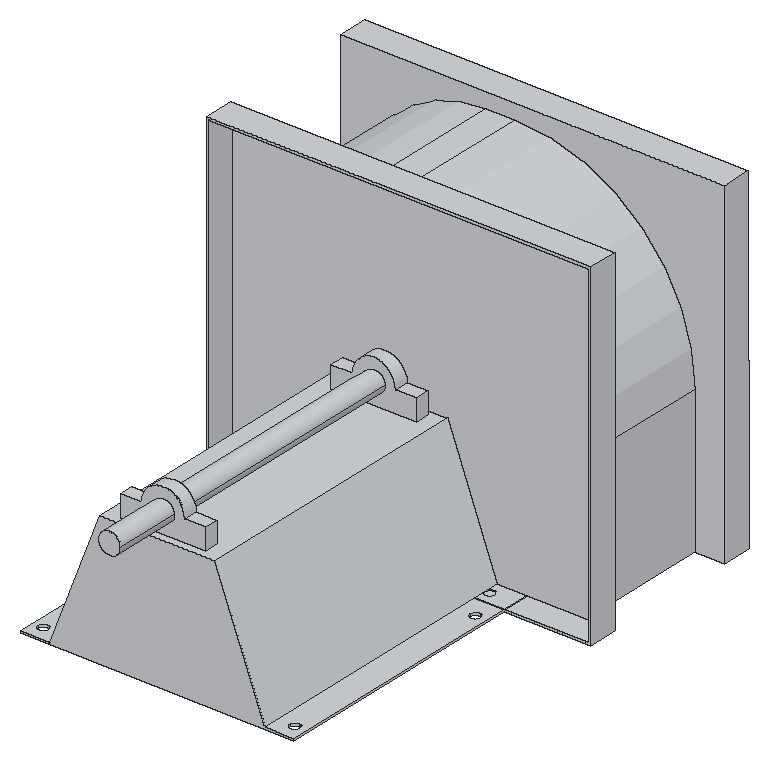
Revit family "CA-4_SWSI_ARR_1_CW_DBD", category Mechanical Equipment, Revit 2019
Family settings
  Round Connector Dimension = Use Radius
  Part Type = Normal
  Work Plane-Based = No
  Always vertical = Yes
  Cut with Voids When Loaded = No
  Shared = No
  Room Calculation Point = No
Parameters (values of type "120_CA-4_SWSI_ARR_1_CW_DBD_CLASS_3")
  S = 7 1/2"
  R = 11 7/16"
  P = 5 23/32"
  O/2 = O / 2  # 11/32"
  O = 11/16"
  ModelID [instance] = ""
  E = 10 3/4"
  Accessories [instance] = ""
  ARR_1_U-D = ARR_1_U - D  # 21 5/8"
  ARR_1_K-D = ARR_1_K - D  # 17 5/8"
  ARR_1_J/2 = ARR_1_J / 2  # 23/32"
  ARR_1_J = 1 7/16"
  MOTOR_RAD = ARR_1_J * 3  # 4 5/16"
  M = 18 7/8"
  L = 3"
  K = 15 7/8"
  J = 2"
  INLET_RAD/2 = INLET_RAD / 2  # 4 1/16"
  INLET_RAD+1.5" = INLET_RAD + 1 1/2"  # 9 5/8"
  INLET_RAD = INLET_DIA / 2  # 8 1/8"
  INLET_DIA = 16 1/4"
  F-E = F - E  # 15"
  F/5 = F / 5  # 5.15"
  F = 25 3/4"
  G = 22 3/4"
  Unit Weight [instance] = ""
  Sones [instance] = ""
  Motor RPM [instance] = ""
  Motor Enclosure [instance] = ""
  LwA [instance] = ""
  Fan RPM [instance] = ""
  E-(INLET_RAD+1.5") = H - (INLET_RAD + 1 1/2")  # 3/4"
  E+(INLET_RAD+1.5") = H + (INLET_RAD + 1 1/2")  # 20"
  H = 10 3/8"
  D-((D-B)/2) = D - ((D - B) / 2)  # 11 3/16"
  D = 13 3/16"
  B = 9 3/16"
  ARR_2_L-ARR_2_K = ARR_2_L - ARR_2_K  # 17 5/8"
  ARR_2_L = 21 5/8"
  ARR_2_K = 4"
  ARR_1_V = 4"
  ARR_1_U = 34 13/16"
  ARR_1_N = 15 1/8"
  ARR_1_M = 1"
  ARR_1_K = 30 13/16"
  ARR_1_H = 8 7/16"
  ARR_1_G = 9 3/16"
  A = 13 1/8"
  3" = 3"  # constant formula
  Brake Hp [instance] = ""
  4" = 4"  # constant formula
  2ARR_1_J+1" = ARR_1_J + ARR_1_J + 1"  # 3 7/8"
  2ARR_1_J = ARR_1_J + ARR_1_J  # 2 7/8"
  2' = 24"
  2" = 2"  # constant formula
  1" = 1"  # constant formula
  0 = 0"  # constant formula
  Voltage [instance] = 0 V
  URL = "www.lorencook.com"
  Type Comments = "Airfoil Centrifugal Blower Arrangement 1 Clockwise Down Blast Discharge"  # constant formula
  Static Pressure [instance] = 0.00 in-wg
  Power [instance] = Voltage * Motor FLA * sqrt(if(Phase = 3, 3, 1))  # 0 VA
  Phase [instance] = 0
  Number of Poles [instance] = 1
  Motor Hp [instance] = "0"
  Motor FLA [instance] = 0 A
  Model = "CA-4 SWSI ARR 1 CW DBD CLASS 3"
  Manufacturer = "Loren Cook Company"
  CFM [instance] = 0 CFM
  1.5 = 1 1/2"  # constant formula
  ONE EIGTH = 1/8"  # constant formula
  -ARR_1_J = -ARR_1_J  # -1 7/16"
  -(ARR_2_L - ARR_2_K) = -(ARR_2_L - ARR_2_K)  # -17 5/8"
  -(((K-B)/2)-.125") = -(((K - B) / 2) - 1/8")  # -3 7/32"
  -(((D - B) / 2) - 1/8") = -(((D - B) / 2) - 1/8")  # -1 7/8"
  (R-B)/2 = (R - B) / 2  # 1 1/8"
  ((K-B)/2)+B = ((K - B) / 2) + B  # 12 17/32"
  (D-B)/2 = (D - B) / 2  # 2"
  -(((K-B)/2)+L) = -(((K - B) / 2) + L)  # -6 11/32"
  ((D-B)/2)-.125" = ((D - B) / 2) - 1/8"  # 1 7/8"
Reference planes (in)
  plane 1 "Center (Front/Back)": y = 0
  plane 2: z = 0
  plane 3 "Center (Left/Right)": x = 0.40541
Forms (in)
  Extrusion 1, solid
    sketch origin (0, 0, 0) x (1, 0, 0) y (0, 0, 1)
      loop
        line (-10.34459, 0) -> (15.40541, 0) -> (15.40541, 22.75) -> (-10.34459, 22.75) -> (-10.34459, 0)
    from 0 to 2 <- "(D-B)/2"
  Extrusion 2, solid
    sketch origin (0, 0, 0) x (1, 0, 0) y (0, 0, 1)
      loop
        line (-10.34459, 22.75) -> (-10.34459, 0) -> (15.40541, 0) -> (15.40541, 22.75) -> (-10.34459, 22.75)
    from 13.1875 <- "D" to 11.1875 <- "D-((D-B)/2)"
  Extrusion 3, void
    sketch origin (0, 0, 0) x (1, 0, 0) y (0, 0, 1)
      loop
        line (-10.21959, 22.625) -> (-10.21959, 0.125) -> (15.28041, 0.125) -> (15.28041, 22.625) -> (-10.21959, 22.625)
    from 0 to 1.875 <- "((D-B)/2)-.125""
  Extrusion 4, void
    sketch origin (0, -13.1875, 0) x (-1, 0, 0) y (0, 0, 1)
      loop
        line (10.21959, 22.625) -> (-15.28041, 22.625) -> (-15.28041, 0.125) -> (10.21959, 0.125) -> (10.21959, 22.625)
    from 0 to 1.875 <- "((D-B)/2)-.125""
  Extrusion 5, solid
    sketch origin (0, -2, 0) x (1, 0, 0) y (0, 0, 1)
      loop
        line (0.28041, 1.4375) -> (0.28041, 0) -> (13.40541, 0) -> (13.40541, 9.75)
        arc (13.40541, 9.75) -> (9.89069, 18.23528) -> (1.40541, 21.75) r 12
        line (1.40541, 21.75) -> (-0.59459, 21.75)
        arc (-0.59459, 21.75) -> (-6.78177, 19.18718) -> (-9.34459, 13) r 8.75
        line (-9.34459, 13) -> (-9.34459, 9.625)
        arc (-9.34459, 9.625) -> (-6.94652, 3.83556) -> (-1.15709, 1.4375) r 8.1875
        line (-1.15709, 1.4375) -> (0.28041, 1.4375)
    from 0 to 9.1875 <- "B"
  Extrusion 6, solid
    sketch origin (0, -13.1875, 0) x (1, 0, 0) y (0, 0, 1)
      loop
        circle (0.40541, 10.375) r 0.71875
    from -1.875 <- "-(((D - B) / 2) - 1/8")" to 21.625 <- "ARR_1_U-D"
  Extrusion 7, void
    sketch origin (0, 0, 0) x (1, 0, 0) y (0, 1, 0)
      loop
        circle (-7.09459, -0.875) r 0.34375
      loop
        circle (7.90541, -0.875) r 0.34375
      loop
        circle (7.90541, -12.3125) r 0.34375
      loop
        circle (-7.09459, -12.3125) r 0.34375
    from -0.25 to 0.25
  Revolve 8, void
    sketch origin (0.40541, 0, 0) x (0, 1, 0) y (0, 0, 1)
      loop
        arc (-1.875, 18.5) -> (-3.06488, 15.62738) -> (-5.9375, 14.4375) r 4.0625
        line (-5.9375, 14.4375) -> (-5.9375, 11.09375) -> (-1.875, 11.09375) -> (-1.875, 18.5)
      axis (-5.9375, 10.375) -> (-1.875, 10.375)
    angle from 0 to 360
  Extrusion 9, solid
    sketch origin (0, -13.1875, 0) x (1, 0, 0) y (0, 0, 1)
      loop
        line (-8.78209, 0) -> (9.59291, 0) -> (9.59291, 0.125) -> (7.59291, 0.125) -> (4.28041, 8.9375) -> (-3.46959, 8.9375) -> (-6.78209, 0.125) -> (-8.78209, 0.125) -> (-8.78209, 0)
    from -1.875 <- "-(((D - B) / 2) - 1/8")" to 17.625 <- "ARR_1_K-D"
  Extrusion 10, solid
    sketch origin (0, -30.8125, 0) x (1, 0, 0) y (0, 0, 1)
      loop
        line (-2.46959, 8.9375) -> (3.28041, 8.9375) -> (3.28041, 10.375) -> (1.84291, 10.375)
        arc (1.84291, 10.375) -> (0.40541, 11.8125) -> (-1.03209, 10.375) r 1.4375
        line (-1.03209, 10.375) -> (-2.46959, 10.375) -> (-2.46959, 8.9375)
      loop
        circle (0.40541, 10.375) r 0.71875
    from -1.4375 <- "-ARR_1_J" to -0.5
  Extrusion 11, solid
    sketch origin (0, -11.1875, 0) x (-1, 0, 0) y (0, 0, 1)
      loop
        line (2.46959, 10.375) -> (1.03209, 10.375)
        arc (1.03209, 10.375) -> (-0.40541, 11.8125) -> (-1.84291, 10.375) r 1.4375
        line (-1.84291, 10.375) -> (-3.28041, 10.375) -> (-3.28041, 8.9375) -> (2.46959, 8.9375) -> (2.46959, 10.375)
      loop
        circle (-0.40541, 10.375) r 0.71875
    from -0.5 to -1.4375 <- "-ARR_1_J"
  Extrusion 12, void
    sketch origin (0, 0, 0) x (1, 0, 0) y (0, 1, 0)
      loop
        circle (8.84291, -14.6875) r 0.34375
      loop
        circle (8.84291, -29.8125) r 0.34375
      loop
        circle (-8.03209, -29.8125) r 0.34375
      loop
        circle (-8.03209, -14.6875) r 0.34375
    from 0.25 to -0.25
Cuts and joins
  Extrusion 3, Extrusion 7, Revolve 8 cuts Extrusion 1
  Extrusion 4, Extrusion 7 cuts Extrusion 2
  Revolve 8 cuts Extrusion 5
  Extrusion 12 cuts Extrusion 9
Dimensions and locks (in)
  "0": Extrusion 1 sketch curve to level
  "G": Extrusion 1 sketch curve to Extrusion 1 sketch curve
  "F-E": Extrusion 1 sketch curve to plane 3 "Center (Left/Right)"
  "F": Extrusion 1 sketch curve to Extrusion 1 sketch curve
  "0": Extrusion 2 sketch curve to level
  "0": Extrusion 1 to Extrusion 2 sketch curve  (x2)
  "0": Extrusion 2 sketch curve to Extrusion 1
  "ONE EIGTH": Extrusion 2 to Extrusion 3 sketch curve  (x2)
  "ONE EIGTH": Extrusion 3 sketch curve to Extrusion 2
  "ONE EIGTH": Extrusion 3 sketch curve to level
  "ONE EIGTH": Extrusion 4 sketch curve to Extrusion 2  (x2)
  "ONE EIGTH": Extrusion 2 to Extrusion 4 sketch curve
  "ONE EIGTH": Extrusion 4 sketch curve to level
  "H": Extrusion 6 sketch curve to level
  "0": Extrusion 6 sketch curve to plane 3 "Center (Left/Right)"
  "S": Extrusion 7 sketch curve to plane 3 "Center (Left/Right)"  (x2)
  "S": plane 3 "Center (Left/Right)" to Extrusion 7 sketch curve  (x2)
  "(R-B)/2": cut or joined group of Extrusion 1, Extrusion 3, Extrusion 7, Revolve 8 to Extrusion 7 sketch curve  (x2)
  "(R-B)/2": cut or joined group of Extrusion 2, Extrusion 4, Extrusion 7 to Extrusion 7 sketch curve  (x2)
  "H": Revolve 8 sketch curve to level
  "ARR_1_J/2": Revolve 8 sketch curve to Revolve 8 sketch curve
  "INLET_RAD/2": Revolve 8 sketch curve to Revolve 8 sketch curve  (x2)
  "INLET_RAD": Revolve 8 sketch curve to Revolve 8 sketch curve
  "0": Revolve 8 sketch curve to cut or joined group of Extrusion 1, Extrusion 3, Extrusion 7, Revolve 8
  "ARR_1_G": Extrusion 9 sketch curve to plane 3 "Center (Left/Right)"
  "ARR_1_G": plane 3 "Center (Left/Right)" to Extrusion 9 sketch curve
  "2ARR_1_J+1"": Extrusion 9 sketch curve to plane 3 "Center (Left/Right)"
  "2ARR_1_J+1"": plane 3 "Center (Left/Right)" to Extrusion 9 sketch curve
  "2"": Extrusion 9 sketch curve to Extrusion 9 sketch curve  (x2)
  "0": Extrusion 9 sketch curve to level
  "ONE EIGTH": Extrusion 9 sketch curve to Extrusion 9 sketch curve  (x2)
  "ARR_1_J/2": Extrusion 6 to Extrusion 9 sketch curve
  "2ARR_1_J": Extrusion 10 sketch curve to plane 3 "Center (Left/Right)"
  "2ARR_1_J": plane 3 "Center (Left/Right)" to Extrusion 10 sketch curve
  "0": Extrusion 10 sketch curve to Extrusion 9
  "ARR_1_J": Extrusion 10 sketch curve to Extrusion 10 sketch curve
  "0": Extrusion 10 sketch curve to plane 3 "Center (Left/Right)"
  "0": plane 3 "Center (Left/Right)" to Extrusion 10 sketch curve
  "0": Extrusion 10 sketch curve to Extrusion 10 sketch curve
  "0": Extrusion 11 sketch curve to Extrusion 9
  "ARR_1_J": Extrusion 11 sketch curve to Extrusion 11 sketch curve  (x2)
  "0": Extrusion 11 sketch curve to Extrusion 11 sketch curve
  "2ARR_1_J": plane 3 "Center (Left/Right)" to Extrusion 11 sketch curve
  "2ARR_1_J": Extrusion 11 sketch curve to plane 3 "Center (Left/Right)"
  "0": Extrusion 11 sketch curve to plane 3 "Center (Left/Right)"
  "0": plane 3 "Center (Left/Right)" to Extrusion 11 sketch curve
  "0": Extrusion 11 sketch curve to Extrusion 10
  "ARR_1_H": plane 3 "Center (Left/Right)" to Extrusion 12 sketch curve  (x2)
  "ARR_1_H": Extrusion 12 sketch curve to plane 3 "Center (Left/Right)"  (x2)
  "ARR_1_M": Extrusion 9 to Extrusion 12 sketch curve  (x2)
  "ARR_1_N": Extrusion 12 sketch curve to Extrusion 12 sketch curve  (x2)
  "A": Extrusion 5 sketch curve to Extrusion 5 sketch curve
  "0": Extrusion 5 sketch curve to level
  "1"": cut or joined group of Extrusion 2, Extrusion 4, Extrusion 7 to Extrusion 5 sketch curve
  "ARR_1_J": Extrusion 5 sketch curve to level
  "J": cut or joined group of Extrusion 2, Extrusion 4, Extrusion 7 to Extrusion 5 sketch curve
  "1"": Extrusion 5 sketch curve to cut or joined group of Extrusion 2, Extrusion 4, Extrusion 7
  "ARR_1_J": Extrusion 5 sketch curve to Extrusion 5 sketch curve
  "1"": plane 3 "Center (Left/Right)" to Extrusion 5 sketch curve
  "1"": Extrusion 5 sketch curve to plane 3 "Center (Left/Right)"
  "ARR_1_J/2": radius of Extrusion 6 sketch curve
  "O/2": radius of Extrusion 7 sketch curve  (x4)
  "ARR_1_J": radius of Extrusion 10 sketch curve
  "ARR_1_J/2": radius of Extrusion 10 sketch curve
  "ARR_1_J": radius of Extrusion 11 sketch curve
  "ARR_1_J/2": radius of Extrusion 11 sketch curve
  "O/2": radius of Extrusion 12 sketch curve  (x4)
Automatic sketch dimensions
  Revolve 8 sketch curve to Revolve 8 sketch curve = 53.38466"
  Revolve 8 sketch curve to plane 1 "Center (Front/Back)" = 17.32447"
Connectors (in)
  hvac at (0.40541, -2, 10.375), driven by "CFM", driven by "INLET_RAD"
    settings: on cut or joined group of Extrusion 1, Extrusion 3, Extrusion 7, Revolve 8, index 2, duct flow 0 CFM, flow factor 0, pres drop 0.00 in-wg, loss coef 0, conn angle 0.00°, conn width 12", conn height 12", conn diameter 16 1/4", duct sys type 29, conn prof type 0, flow config 0, flow direction 1, loss method 0, conn ref index -1, conn util no, is conn primary no, conn desc ""
  hvac at (6.84291, -6.59375, 0), driven by "CFM", driven by "A", driven by "B"
    settings: on cut or joined group of Extrusion 5, Revolve 8, index 3, duct flow 0 CFM, flow factor 0, pres drop 0.00 in-wg, loss coef 0, conn angle 0.00°, conn width 9 3/16", conn height 13 1/8", conn diameter 24", duct sys type 29, conn prof type 1, flow config 0, flow direction 2, loss method 0, conn ref index -1, conn util no, is conn primary yes, conn desc ""
Types (55): name | S | R | P | O/2 | O | E | ARR_1_U-D | ARR_1_K-D | ARR_1_J/2 | ARR_1_J | MOTOR_RAD | M | L | K | J | INLET_RAD/2 | INLET_RAD+1.5" | INLET_RAD | INLET_DIA | F-E | F/5 | F | G | E-(INLET_RAD+1.5") | E+(INLET_RAD+1.5") | H | D-((D-B)/2) | D | B | ARR_2_L-ARR_2_K | ARR_2_L | ARR_2_K | ARR_1_V | ARR_1_U | ARR_1_N | ARR_1_M | ARR_1_K | ARR_1_H | ARR_1_G | A | 2ARR_1_J+1" | 2ARR_1_J | Model | -ARR_1_J | -(ARR_2_L - ARR_2_K) | -(((K-B)/2)-.125") | -(((D - B) / 2) - 1/8") | (R-B)/2 | ((K-B)/2)+B | (D-B)/2 | -(((K-B)/2)+L) | ((D-B)/2)-.125"
  (no name) | 7 1/2" | 11 7/16" | 5 23/32" | 11/32" | 11/16" | 10 3/4" | 21 5/8" | 17 5/8" | 23/32" | 1 7/16" | 4 5/16" | 18 7/8" | 3" | 15 7/8" | 2" | 4 1/16" | 9 5/8" | 8 1/8" | 16 1/4" | 15" | 5.15" | 25 3/4" | 22 3/4" | 3/4" | 20" | 10 3/8" | 11 3/16" | 13 3/16" | 9 3/16" | 17 5/8" | 21 5/8" | 4" | 4" | 34 13/16" | 15 1/8" | 1" | 30 13/16" | 8 7/16" | 9 3/16" | 13 1/8" | 3 7/8" | 2 7/8" | "CA-4 SWSI ARR 1 CW DBD CLASS 3" | -1 7/16" | -17 5/8" | -3 7/32" | -1 7/8" | 1 1/8" | 12 17/32" | 2" | -6 11/32" | 1 7/8"
  120_CA-4_SWSI_ARR_1_CW_DBD_CLASS_1 | 7 1/2" | 11 7/16" | 5 23/32" | 11/32" | 11/16" | 10 3/4" | 21 5/8" | 17 5/8" | 19/32" | 1 3/16" | 3 9/16" | 18 7/8" | 3" | 15 7/8" | 2" | 4 1/16" | 9 5/8" | 8 1/8" | 16 1/4" | 15" | 5.15" | 25 3/4" | 22 3/4" | 3/4" | 20" | 10 3/8" | 11 3/16" | 13 3/16" | 9 3/16" | 17 5/8" | 21 5/8" | 4" | 4" | 34 13/16" | 15 1/8" | 1" | 30 13/16" | 8 7/16" | 9 3/16" | 13 1/8" | 3 3/8" | 2 3/8" | "CA-4 SWSI ARR 1 CW DBD CLASS 1" | -1 3/16" | -17 5/8" | -3 7/32" | -1 7/8" | 1 1/8" | 12 17/32" | 2" | -6 11/32" | 1 7/8"
  135_CA-4_SWSI_ARR_1_CW_DBD_CLASS_1 | 8 1/2" | 12 9/16" | 6 9/32" | 11/32" | 11/16" | 12" | 21 5/8" | 17 5/8" | 19/32" | 1 3/16" | 3 9/16" | 20" | 3" | 17" | 2" | 4 7/16" | 10 3/8" | 8 7/8" | 17 3/4" | 16 3/4" | 5 3/4" | 28 3/4" | 25 1/2" | 1 1/4" | 22" | 11 5/8" | 12 5/16" | 14 5/16" | 10 5/16" | 17 5/8" | 21 5/8" | 4" | 4" | 35 15/16" | 15 1/8" | 1" | 31 15/16" | 9 3/16" | 9 15/16" | 14 3/4" | 3 3/8" | 2 3/8" | "CA-4 SWSI ARR 1 CW DBD CLASS 1" | -1 3/16" | -17 5/8" | -3 7/32" | -1 7/8" | 1 1/8" | 13 21/32" | 2" | -6 11/32" | 1 7/8"
  150_CA-4_SWSI_ARR_1_CW_DBD_CLASS_1 | 9" | 13 11/16" | 6 27/32" | 11/32" | 11/16" | 13 1/4" | 21 5/8" | 17 5/8" | 19/32" | 1 3/16" | 3 9/16" | 21 1/8" | 3" | 18 1/8" | 2" | 4 13/16" | 11 1/8" | 9 5/8" | 19 1/4" | 18 3/8" | 6.325" | 31 5/8" | 28 1/8" | 1 3/4" | 24" | 12 7/8" | 13 7/16" | 15 7/16" | 11 7/16" | 17 5/8" | 21 5/8" | 4" | 4" | 37 1/16" | 15 1/8" | 1" | 33 1/16" | 9 15/16" | 10 11/16" | 16 7/16" | 3 3/8" | 2 3/8" | "CA-4 SWSI ARR 1 CW DBD CLASS 1" | -1 3/16" | -17 5/8" | -3 7/32" | -1 7/8" | 1 1/8" | 14 25/32" | 2" | -6 11/32" | 1 7/8"
  165_CA-4_SWSI_ARR_1_CW_DBD_CLASS_1 | 10" | 14 7/8" | 7 7/16" | 11/32" | 11/16" | 14 3/8" | 21 5/8" | 17 5/8" | 19/32" | 1 3/16" | 3 9/16" | 23 15/16" | 4" | 19 5/16" | 2" | 5 5/16" | 12 1/8" | 10 5/8" | 21 1/4" | 20" | 6 7/8" | 34 3/8" | 30 7/8" | 2 1/8" | 26 3/8" | 14 1/4" | 14 5/8" | 16 5/8" | 12 5/8" | 17 5/8" | 21 5/8" | 4" | 4" | 38 1/4" | 15 1/8" | 1" | 34 1/4" | 10 15/16" | 11 11/16" | 18 1/16" | 3 3/8" | 2 3/8" | "CA-4 SWSI ARR 1 CW DBD CLASS 1" | -1 3/16" | -17 5/8" | -3 7/32" | -1 7/8" | 1 1/8" | 15 31/32" | 2" | -7 11/32" | 1 7/8"
  180_CA-4_SWSI_ARR_1_CW_DBD_CLASS_1 | 11" | 16" | 8" | 11/32" | 11/16" | 15 5/8" | 24 3/8" | 20 1/8" | 19/32" | 1 3/16" | 3 9/16" | 24 15/16" | 4 1/2" | 20 7/16" | 2" | 5 11/16" | 12 7/8" | 11 3/8" | 22 3/4" | 21 1/2" | 7.425" | 37 1/8" | 33 5/8" | 2 5/8" | 28 3/8" | 15 1/2" | 15 3/4" | 17 3/4" | 13 3/4" | 20 1/8" | 24 3/8" | 4 1/4" | 4 1/4" | 42 1/8" | 17 5/8" | 1" | 37 7/8" | 11 11/16" | 12 7/16" | 19 11/16" | 3 3/8" | 2 3/8" | "CA-4 SWSI ARR 1 CW DBD CLASS 1" | -1 3/16" | -20 1/8" | -3 7/32" | -1 7/8" | 1 1/8" | 17 3/32" | 2" | -7 27/32" | 1 7/8"
  195_CA-4_SWSI_ARR_1_CW_DBD_CLASS_1 | 11 1/2" | 17 3/16" | 8 19/32" | 11/32" | 11/16" | 16 3/4" | 24 3/8" | 20 1/8" | 19/32" | 1 3/16" | 3 9/16" | 27 3/16" | 4 1/2" | 22 11/16" | 2" | 6 1/16" | 13 5/8" | 12 1/8" | 24 1/4" | 23 1/4" | 8" | 40" | 36 1/4" | 3 1/8" | 30 3/8" | 16 3/4" | 16 15/16" | 18 15/16" | 14 15/16" | 20 1/8" | 24 3/8" | 4 1/4" | 4 1/4" | 43 5/16" | 17 5/8" | 1" | 39 1/16" | 12 7/16" | 13 3/16" | 21 5/16" | 3 3/8" | 2 3/8" | "CA-4 SWSI ARR 1 CW DBD CLASS 1" | -1 3/16" | -20 1/8" | -3 3/4" | -1 7/8" | 1 1/8" | 18 13/16" | 2" | -8 3/8" | 1 7/8"
  210_CA-4_SWSI_ARR_1_CW_DBD_CLASS_1 | 12" | 18 5/16" | 9 5/32" | 13/32" | 13/16" | 18" | 26 3/8" | 22 1/8" | 23/32" | 1 7/16" | 4 5/16" | 28 13/16" | 5" | 23 13/16" | 2" | 6 1/2" | 14 1/2" | 13" | 26" | 24 7/8" | 8.575" | 42 7/8" | 39 1/8" | 3 5/8" | 32 5/8" | 18 1/8" | 18 1/16" | 20 1/16" | 16 1/16" | 23 1/8" | 27 3/8" | 4 1/4" | 4 1/4" | 46 7/16" | 19 9/16" | 1" | 42 3/16" | 13 5/16" | 14 1/16" | 23" | 3 7/8" | 2 7/8" | "CA-4 SWSI ARR 1 CW DBD CLASS 1" | -1 7/16" | -23 1/8" | -3 3/4" | -1 7/8" | 1 1/8" | 19 15/16" | 2" | -8 7/8" | 1 7/8"
  225_CA-4_SWSI_ARR_1_CW_DBD_CLASS_1 | 12 1/2" | 19 7/16" | 9 23/32" | 13/32" | 13/16" | 19 1/4" | 26 3/8" | 22 1/8" | 23/32" | 1 7/16" | 4 5/16" | 29 15/16" | 5" | 24 15/16" | 2" | 6 7/8" | 15 1/4" | 13 3/4" | 27 1/2" | 26 1/2" | 9.15" | 45 3/4" | 41 3/4" | 4 1/8" | 34 5/8" | 19 3/8" | 19 3/16" | 21 3/16" | 17 3/16" | 23 1/8" | 27 3/8" | 4 1/4" | 4 1/4" | 47 9/16" | 19 9/16" | 1" | 43 5/16" | 14 1/16" | 14 13/16" | 24 5/8" | 3 7/8" | 2 7/8" | "CA-4 SWSI ARR 1 CW DBD CLASS 1" | -1 7/16" | -23 1/8" | -3 3/4" | -1 7/8" | 1 1/8" | 21 1/16" | 2" | -8 7/8" | 1 7/8"
  245_CA-4_SWSI_ARR_1_CW_DBD_CLASS_1 | 13 1/2" | 21" | 10 1/2" | 13/32" | 13/16" | 20 7/8" | 27 13/16" | 22 5/8" | 27/32" | 1 11/16" | 5 1/16" | 32" | 5 1/2" | 26 1/2" | 2" | 7 3/8" | 16 1/4" | 14 3/4" | 29 1/2" | 28 5/8" | 9.9" | 49 1/2" | 45 3/8" | 4 7/8" | 37 3/8" | 21 1/8" | 20 3/4" | 22 3/4" | 18 3/4" | 22 9/16" | 27 13/16" | 5 1/4" | 5 1/4" | 50 9/16" | 20 1/8" | 1" | 45 3/8" | 15 1/16" | 15 13/16" | 26 13/16" | 4 3/8" | 3 3/8" | "CA-4 SWSI ARR 1 CW DBD CLASS 1" | -1 11/16" | -22 9/16" | -3 3/4" | -1 7/8" | 1 1/8" | 22 5/8" | 2" | -9 3/8" | 1 7/8"
  270_CA-4_SWSI_ARR_1_CW_DBD_CLASS_1 | 15" | 22 7/8" | 11 7/16" | 13/32" | 13/16" | 23 3/8" | 27 13/16" | 22 5/8" | 27/32" | 1 11/16" | 5 1/16" | 34 3/8" | 6" | 28 3/8" | 2" | 8" | 17 1/2" | 16" | 32" | 31 3/8" | 10.95" | 54 3/4" | 49 7/8" | 5 3/4" | 40 3/4" | 23 1/4" | 22 5/8" | 24 5/8" | 20 5/8" | 22 9/16" | 27 13/16" | 5 1/4" | 5 1/4" | 52 7/16" | 20 1/8" | 1" | 47 1/4" | 16 7/16" | 17 3/16" | 29 9/16" | 4 3/8" | 3 3/8" | "CA-4 SWSI ARR 1 CW DBD CLASS 1" | -1 11/16" | -22 9/16" | -3 3/4" | -1 7/8" | 1 1/8" | 24 1/2" | 2" | -9 7/8" | 1 7/8"
  300_CA-4_SWSI_ARR_1_CW_DBD_CLASS_1 | 16 1/2" | 25 3/16" | 12 19/32" | 13/32" | 13/16" | 25 3/8" | 30 3/4" | 24 7/8" | 31/32" | 1 15/16" | 5 13/16" | 37 3/16" | 6 1/2" | 30 11/16" | 2" | 8 3/4" | 19" | 17 1/2" | 35" | 34 5/8" | 12" | 60" | 55 3/8" | 6 7/8" | 44 7/8" | 25 7/8" | 24 15/16" | 26 15/16" | 22 15/16" | 24 7/8" | 30 3/4" | 5 7/8" | 5 7/8" | 57 11/16" | 22 3/8" | 1" | 51 13/16" | 17 15/16" | 18 11/16" | 32 13/16" | 4 7/8" | 3 7/8" | "CA-4 SWSI ARR 1 CW DBD CLASS 1" | -1 15/16" | -24 7/8" | -3 3/4" | -1 7/8" | 1 1/8" | 26 13/16" | 2" | -10 3/8" | 1 7/8"
  330_CA-4_SWSI_ARR_1_CW_DBD_CLASS_1 | 18" | 27 1/2" | 13 3/4" | 13/32" | 13/16" | 27 7/8" | 30 3/4" | 24 7/8" | 31/32" | 1 15/16" | 5 13/16" | 40" | 7" | 33" | 2" | 9 1/2" | 20 1/2" | 19" | 38" | 37 7/8" | 13.15" | 65 3/4" | 60 3/4" | 7 7/8" | 48 7/8" | 28 3/8" | 27 1/4" | 29 1/4" | 25 1/4" | 24 7/8" | 30 3/4" | 5 7/8" | 5 7/8" | 60" | 22 3/8" | 1" | 54 1/8" | 19 7/16" | 20 3/16" | 36 1/8" | 4 7/8" | 3 7/8" | "CA-4 SWSI ARR 1 CW DBD CLASS 1" | -1 15/16" | -24 7/8" | -3 3/4" | -1 7/8" | 1 1/8" | 29 1/8" | 2" | -10 7/8" | 1 7/8"
  365_CA-4_SWSI_ARR_1_CW_DBD_CLASS_1 | 20" | 30 1/8" | 15 1/16" | 13/32" | 13/16" | 30 5/8" | 33" | 27 1/8" | 1 3/32" | 2 3/16" | 6 9/16" | 43 1/8" | 7 1/2" | 35 5/8" | 2" | 10 3/8" | 22 1/4" | 20 3/4" | 41 1/2" | 41 3/4" | 14.475" | 72 3/8" | 67" | 9 1/8" | 53 5/8" | 31 3/8" | 29 7/8" | 31 7/8" | 27 7/8" | 27 1/8" | 33" | 5 7/8" | 5 7/8" | 64 7/8" | 24 5/8" | 1" | 59" | 21 11/16" | 22 7/16" | 39 15/16" | 5 3/8" | 4 3/8" | "CA-4 SWSI ARR 1 CW DBD CLASS 1" | -2 3/16" | -27 1/8" | -3 3/4" | -1 7/8" | 1 1/8" | 31 3/4" | 2" | -11 3/8" | 1 7/8"
  402_CA-4_SWSI_ARR_1_CW_DBD_CLASS_1 | 22" | 34 1/4" | 17 1/8" | 17/32" | 1 1/16" | 33 5/8" | 31 5/16" | 26 3/16" | 1 3/32" | 2 3/16" | 6 9/16" | 46 5/8" | 8" | 38 5/8" | 3" | 11 5/16" | 24 1/8" | 22 5/8" | 45 1/4" | 46 3/4" | 16.075" | 80 3/8" | 73 7/8" | 10 1/2" | 58 3/4" | 34 5/8" | 33 3/4" | 36 3/4" | 30 3/4" | 25 7/16" | 31 5/16" | 5 7/8" | 5 7/8" | 68 1/16" | 23 13/16" | 1 1/4" | 62 15/16" | 22 3/8" | 24 3/8" | 44 1/16" | 5 3/8" | 4 3/8" | "CA-4 SWSI ARR 1 CW DBD CLASS 1" | -2 3/16" | -25 7/16" | -3 13/16" | -2 7/8" | 1 3/4" | 34 11/16" | 3" | -11 15/16" | 2 7/8"
  445_CA-4_SWSI_ARR_1_CW_DBD_CLASS_1 | 24" | 37 1/2" | 18 3/4" | 17/32" | 1 1/16" | 37 1/8" | 33 1/16" | 26 15/16" | 1 7/32" | 2 7/16" | 7 5/16" | 50 3/8" | 8 1/2" | 41 7/8" | 3" | 12 3/8" | 26 1/4" | 24 3/4" | 49 1/2" | 51 3/8" | 17.7" | 88 1/2" | 81 1/2" | 12" | 64 1/2" | 38 1/4" | 37" | 40" | 34" | 26 11/16" | 33 1/16" | 6 3/8" | 6 3/8" | 73 1/16" | 24 9/16" | 1 1/4" | 66 15/16" | 25 1/2" | 26 1/2" | 48 11/16" | 5 7/8" | 4 7/8" | "CA-4 SWSI ARR 1 CW DBD CLASS 1" | -2 7/16" | -26 11/16" | -3 13/16" | -2 7/8" | 1 3/4" | 37 15/16" | 3" | -12 7/16" | 2 7/8"
  490_CA-4_SWSI_ARR_1_CW_DBD_CLASS_1 | 26 1/2" | 40 15/16" | 20 15/32" | 17/32" | 1 1/16" | 40 3/4" | 33 1/16" | 26 15/16" | 1 7/32" | 2 7/16" | 7 5/16" | 55 5/16" | 9" | 46 5/16" | 3" | 13 3/4" | 29" | 27 1/2" | 55" | 56 1/4" | 19.4" | 97" | 89 3/4" | 13 1/4" | 71 1/4" | 42 1/4" | 40 7/16" | 43 7/16" | 37 7/16" | 26 11/16" | 33 1/16" | 6 3/8" | 6 3/8" | 76 1/2" | 24 9/16" | 1 1/4" | 70 3/8" | 28 1/4" | 29 1/4" | 53 5/8" | 5 7/8" | 4 7/8" | "CA-4 SWSI ARR 1 CW DBD CLASS 1" | -2 7/16" | -26 11/16" | -4 5/16" | -2 7/8" | 1 3/4" | 41 7/8" | 3" | -13 7/16" | 2 7/8"
  540_CA-4_SWSI_ARR_1_CW_DBD_CLASS_1 | 29" | 44 3/4" | 22 3/8" | 17/32" | 1 1/16" | 44 7/8" | 34 3/8" | 27" | 1 15/32" | 2 15/16" | 8 13/16" | 61 5/8" | 9 1/2" | 52 1/8" | 3" | 15" | 31 1/2" | 30" | 60" | 61 3/4" | 21.325" | 106 5/8" | 98 3/4" | 15" | 78" | 46 1/2" | 44 1/4" | 47 1/4" | 41 1/4" | 26 7/8" | 34 3/8" | 7 1/2" | 7 1/2" | 81 5/8" | 24 9/16" | 1 1/4" | 74 1/4" | 30 3/4" | 31 3/4" | 59 1/16" | 6 7/8" | 5 7/8" | "CA-4 SWSI ARR 1 CW DBD CLASS 1" | -2 15/16" | -26 7/8" | -5 5/16" | -2 7/8" | 1 3/4" | 46 11/16" | 3" | -14 15/16" | 2 7/8"
  600_CA-4_SWSI_ARR_1_CW_DBD_CLASS_1 | 32" | 49 5/16" | 24 21/32" | 17/32" | 1 1/16" | 49 3/4" | 34 3/8" | 27" | 1 15/32" | 2 15/16" | 8 13/16" | 66 11/16" | 10" | 56 11/16" | 3" | 16 1/2" | 34 1/2" | 33" | 66" | 68 1/4" | 23.6" | 118" | 109 5/8" | 17 1/8" | 86 1/8" | 51 5/8" | 48 13/16" | 51 13/16" | 45 13/16" | 26 7/8" | 34 3/8" | 7 1/2" | 7 1/2" | 86 3/16" | 24 9/16" | 1 1/4" | 78 13/16" | 33 3/4" | 34 3/4" | 65 5/8" | 6 7/8" | 5 7/8" | "CA-4 SWSI ARR 1 CW DBD CLASS 1" | -2 15/16" | -26 7/8" | -5 5/16" | -2 7/8" | 1 3/4" | 51 1/4" | 3" | -15 7/16" | 2 7/8"
  120_CA-4_SWSI_ARR_1_CW_DBD_CLASS_2 | 7 1/2" | 11 7/16" | 5 23/32" | 11/32" | 11/16" | 10 3/4" | 21 5/8" | 17 5/8" | 23/32" | 1 7/16" | 4 5/16" | 18 7/8" | 3" | 15 7/8" | 2" | 4 1/16" | 9 5/8" | 8 1/8" | 16 1/4" | 15" | 5.15" | 25 3/4" | 22 3/4" | 3/4" | 20" | 10 3/8" | 11 3/16" | 13 3/16" | 9 3/16" | 17 5/8" | 21 5/8" | 4" | 4" | 34 13/16" | 15 1/8" | 1" | 30 13/16" | 8 7/16" | 9 3/16" | 13 1/8" | 3 7/8" | 2 7/8" | "CA-4 SWSI ARR 1 CW DBD CLASS 2" | -1 7/16" | -17 5/8" | -3 7/32" | -1 7/8" | 1 1/8" | 12 17/32" | 2" | -6 11/32" | 1 7/8"
  120_CA-4_SWSI_ARR_1_CW_DBD_CLASS_3 | 7 1/2" | 11 7/16" | 5 23/32" | 11/32" | 11/16" | 10 3/4" | 21 5/8" | 17 5/8" | 23/32" | 1 7/16" | 4 5/16" | 18 7/8" | 3" | 15 7/8" | 2" | 4 1/16" | 9 5/8" | 8 1/8" | 16 1/4" | 15" | 5.15" | 25 3/4" | 22 3/4" | 3/4" | 20" | 10 3/8" | 11 3/16" | 13 3/16" | 9 3/16" | 17 5/8" | 21 5/8" | 4" | 4" | 34 13/16" | 15 1/8" | 1" | 30 13/16" | 8 7/16" | 9 3/16" | 13 1/8" | 3 7/8" | 2 7/8" | "CA-4 SWSI ARR 1 CW DBD CLASS 3" | -1 7/16" | -17 5/8" | -3 7/32" | -1 7/8" | 1 1/8" | 12 17/32" | 2" | -6 11/32" | 1 7/8"
  135_CA-4_SWSI_ARR_1_CW_DBD_CLASS_2 | 8 1/2" | 12 9/16" | 6 9/32" | 11/32" | 11/16" | 12" | 21 5/8" | 17 5/8" | 23/32" | 1 7/16" | 4 5/16" | 20" | 3" | 17" | 2" | 4 7/16" | 10 3/8" | 8 7/8" | 17 3/4" | 16 3/4" | 5 3/4" | 28 3/4" | 25 1/2" | 1 1/4" | 22" | 11 5/8" | 12 5/16" | 14 5/16" | 10 5/16" | 17 5/8" | 21 5/8" | 4" | 4" | 35 15/16" | 15 1/8" | 1" | 31 15/16" | 9 3/16" | 9 15/16" | 14 3/4" | 3 7/8" | 2 7/8" | "CA-4 SWSI ARR 1 CW DBD CLASS 2" | -1 7/16" | -17 5/8" | -3 7/32" | -1 7/8" | 1 1/8" | 13 21/32" | 2" | -6 11/32" | 1 7/8"
  135_CA-4_SWSI_ARR_1_CW_DBD_CLASS_3 | 8 1/2" | 12 9/16" | 6 9/32" | 11/32" | 11/16" | 12" | 21 5/8" | 17 5/8" | 23/32" | 1 7/16" | 4 5/16" | 20" | 3" | 17" | 2" | 4 7/16" | 10 3/8" | 8 7/8" | 17 3/4" | 16 3/4" | 5 3/4" | 28 3/4" | 25 1/2" | 1 1/4" | 22" | 11 5/8" | 12 5/16" | 14 5/16" | 10 5/16" | 17 5/8" | 21 5/8" | 4" | 4" | 35 15/16" | 15 1/8" | 1" | 31 15/16" | 9 3/16" | 9 15/16" | 14 3/4" | 3 7/8" | 2 7/8" | "CA-4 SWSI ARR 1 CW DBD CLASS 3" | -1 7/16" | -17 5/8" | -3 7/32" | -1 7/8" | 1 1/8" | 13 21/32" | 2" | -6 11/32" | 1 7/8"
  150_CA-4_SWSI_ARR_1_CW_DBD_CLASS_2 | 9" | 13 11/16" | 6 27/32" | 11/32" | 11/16" | 13 1/4" | 21 5/8" | 17 5/8" | 23/32" | 1 7/16" | 4 5/16" | 21 1/8" | 3" | 18 1/8" | 2" | 4 13/16" | 11 1/8" | 9 5/8" | 19 1/4" | 18 3/8" | 6.325" | 31 5/8" | 28 1/8" | 1 3/4" | 24" | 12 7/8" | 13 7/16" | 15 7/16" | 11 7/16" | 17 5/8" | 21 5/8" | 4" | 4" | 37 1/16" | 15 1/8" | 1" | 33 1/16" | 9 15/16" | 10 11/16" | 16 7/16" | 3 7/8" | 2 7/8" | "CA-4 SWSI ARR 1 CW DBD CLASS 2" | -1 7/16" | -17 5/8" | -3 7/32" | -1 7/8" | 1 1/8" | 14 25/32" | 2" | -6 11/32" | 1 7/8"
  150_CA-4_SWSI_ARR_1_CW_DBD_CLASS_3 | 9" | 13 11/16" | 6 27/32" | 11/32" | 11/16" | 13 1/4" | 21 5/8" | 17 5/8" | 23/32" | 1 7/16" | 4 5/16" | 21 1/8" | 3" | 18 1/8" | 2" | 4 13/16" | 11 1/8" | 9 5/8" | 19 1/4" | 18 3/8" | 6.325" | 31 5/8" | 28 1/8" | 1 3/4" | 24" | 12 7/8" | 13 7/16" | 15 7/16" | 11 7/16" | 17 5/8" | 21 5/8" | 4" | 4" | 37 1/16" | 15 1/8" | 1" | 33 1/16" | 9 15/16" | 10 11/16" | 16 7/16" | 3 7/8" | 2 7/8" | "CA-4 SWSI ARR 1 CW DBD CLASS 3" | -1 7/16" | -17 5/8" | -3 7/32" | -1 7/8" | 1 1/8" | 14 25/32" | 2" | -6 11/32" | 1 7/8"
  165_CA-4_SWSI_ARR_1_CW_DBD_CLASS_2 | 10" | 14 7/8" | 7 7/16" | 11/32" | 11/16" | 14 3/8" | 21 5/8" | 17 5/8" | 23/32" | 1 7/16" | 4 5/16" | 23 15/16" | 4" | 19 5/16" | 2" | 5 5/16" | 12 1/8" | 10 5/8" | 21 1/4" | 20" | 6 7/8" | 34 3/8" | 30 7/8" | 2 1/8" | 26 3/8" | 14 1/4" | 14 5/8" | 16 5/8" | 12 5/8" | 17 5/8" | 21 5/8" | 4" | 4" | 38 1/4" | 15 1/8" | 1" | 34 1/4" | 10 15/16" | 11 11/16" | 18 1/16" | 3 7/8" | 2 7/8" | "CA-4 SWSI ARR 1 CW DBD CLASS 2" | -1 7/16" | -17 5/8" | -3 7/32" | -1 7/8" | 1 1/8" | 15 31/32" | 2" | -7 11/32" | 1 7/8"
  165_CA-4_SWSI_ARR_1_CW_DBD_CLASS_3 | 10" | 14 7/8" | 7 7/16" | 11/32" | 11/16" | 14 3/8" | 21 5/8" | 17 5/8" | 23/32" | 1 7/16" | 4 5/16" | 23 15/16" | 4" | 19 5/16" | 2" | 5 5/16" | 12 1/8" | 10 5/8" | 21 1/4" | 20" | 6 7/8" | 34 3/8" | 30 7/8" | 2 1/8" | 26 3/8" | 14 1/4" | 14 5/8" | 16 5/8" | 12 5/8" | 17 5/8" | 21 5/8" | 4" | 4" | 38 1/4" | 15 1/8" | 1" | 34 1/4" | 10 15/16" | 11 11/16" | 18 1/16" | 3 7/8" | 2 7/8" | "CA-4 SWSI ARR 1 CW DBD CLASS 3" | -1 7/16" | -17 5/8" | -3 7/32" | -1 7/8" | 1 1/8" | 15 31/32" | 2" | -7 11/32" | 1 7/8"
  180_CA-4_SWSI_ARR_1_CW_DBD_CLASS_2 | 11" | 16" | 8" | 11/32" | 11/16" | 15 5/8" | 24 3/8" | 20 1/8" | 23/32" | 1 7/16" | 4 5/16" | 24 15/16" | 4 1/2" | 20 7/16" | 2" | 5 11/16" | 12 7/8" | 11 3/8" | 22 3/4" | 21 1/2" | 7.425" | 37 1/8" | 33 5/8" | 2 5/8" | 28 3/8" | 15 1/2" | 15 3/4" | 17 3/4" | 13 3/4" | 20 1/8" | 24 3/8" | 4 1/4" | 4 1/4" | 42 1/8" | 17 5/8" | 1" | 37 7/8" | 11 11/16" | 12 7/16" | 19 11/16" | 3 7/8" | 2 7/8" | "CA-4 SWSI ARR 1 CW DBD CLASS 2" | -1 7/16" | -20 1/8" | -3 7/32" | -1 7/8" | 1 1/8" | 17 3/32" | 2" | -7 27/32" | 1 7/8"
  180_CA-4_SWSI_ARR_1_CW_DBD_CLASS_3 | 11" | 16" | 8" | 11/32" | 11/16" | 15 5/8" | 24 3/8" | 20 1/8" | 27/32" | 1 11/16" | 5 1/16" | 24 15/16" | 4 1/2" | 20 7/16" | 2" | 5 11/16" | 12 7/8" | 11 3/8" | 22 3/4" | 21 1/2" | 7.425" | 37 1/8" | 33 5/8" | 2 5/8" | 28 3/8" | 15 1/2" | 15 3/4" | 17 3/4" | 13 3/4" | 20 1/8" | 24 3/8" | 4 1/4" | 4 1/4" | 42 1/8" | 17 5/8" | 1" | 37 7/8" | 11 11/16" | 12 7/16" | 19 11/16" | 4 3/8" | 3 3/8" | "CA-4 SWSI ARR 1 CW DBD CLASS 3" | -1 11/16" | -20 1/8" | -3 7/32" | -1 7/8" | 1 1/8" | 17 3/32" | 2" | -7 27/32" | 1 7/8"
  195_CA-4_SWSI_ARR_1_CW_DBD_CLASS_2 | 11 1/2" | 17 3/16" | 8 19/32" | 11/32" | 11/16" | 16 3/4" | 24 3/8" | 20 1/8" | 23/32" | 1 7/16" | 4 5/16" | 27 3/16" | 4 1/2" | 22 11/16" | 2" | 6 1/16" | 13 5/8" | 12 1/8" | 24 1/4" | 23 1/4" | 8" | 40" | 36 1/4" | 3 1/8" | 30 3/8" | 16 3/4" | 16 15/16" | 18 15/16" | 14 15/16" | 20 1/8" | 24 3/8" | 4 1/4" | 4 1/4" | 43 5/16" | 17 5/8" | 1" | 39 1/16" | 12 7/16" | 13 3/16" | 21 5/16" | 3 7/8" | 2 7/8" | "CA-4 SWSI ARR 1 CW DBD CLASS 2" | -1 7/16" | -20 1/8" | -3 3/4" | -1 7/8" | 1 1/8" | 18 13/16" | 2" | -8 3/8" | 1 7/8"
  195_CA-4_SWSI_ARR_1_CW_DBD_CLASS_3 | 11 1/2" | 17 3/16" | 8 19/32" | 11/32" | 11/16" | 16 3/4" | 24 3/8" | 20 1/8" | 27/32" | 1 11/16" | 5 1/16" | 27 3/16" | 4 1/2" | 22 11/16" | 2" | 6 1/16" | 13 5/8" | 12 1/8" | 24 1/4" | 23 1/4" | 8" | 40" | 36 1/4" | 3 1/8" | 30 3/8" | 16 3/4" | 16 15/16" | 18 15/16" | 14 15/16" | 20 1/8" | 24 3/8" | 4 1/4" | 4 1/4" | 43 5/16" | 17 5/8" | 1" | 39 1/16" | 12 7/16" | 13 3/16" | 21 5/16" | 4 3/8" | 3 3/8" | "CA-4 SWSI ARR 1 CW DBD CLASS 3" | -1 11/16" | -20 1/8" | -3 3/4" | -1 7/8" | 1 1/8" | 18 13/16" | 2" | -8 3/8" | 1 7/8"
  210_CA-4_SWSI_ARR_1_CW_DBD_CLASS_3 | 12" | 18 5/16" | 9 5/32" | 13/32" | 13/16" | 18" | 26 3/8" | 22 1/8" | 31/32" | 1 15/16" | 5 13/16" | 28 13/16" | 5" | 23 13/16" | 2" | 6 1/2" | 14 1/2" | 13" | 26" | 24 7/8" | 8.575" | 42 7/8" | 39 1/8" | 3 5/8" | 32 5/8" | 18 1/8" | 18 1/16" | 20 1/16" | 16 1/16" | 23 1/8" | 27 3/8" | 4 1/4" | 4 1/4" | 46 7/16" | 19 9/16" | 1" | 42 3/16" | 13 5/16" | 14 1/16" | 23" | 4 7/8" | 3 7/8" | "CA-4 SWSI ARR 1 CW DBD CLASS 3" | -1 15/16" | -23 1/8" | -3 3/4" | -1 7/8" | 1 1/8" | 19 15/16" | 2" | -8 7/8" | 1 7/8"
  210_CA-4_SWSI_ARR_1_CW_DBD_CLASS_2 | 12" | 18 5/16" | 9 5/32" | 13/32" | 13/16" | 18" | 26 3/8" | 22 1/8" | 27/32" | 1 11/16" | 5 1/16" | 28 13/16" | 5" | 23 13/16" | 2" | 6 1/2" | 14 1/2" | 13" | 26" | 24 7/8" | 8.575" | 42 7/8" | 39 1/8" | 3 5/8" | 32 5/8" | 18 1/8" | 18 1/16" | 20 1/16" | 16 1/16" | 23 1/8" | 27 3/8" | 4 1/4" | 4 1/4" | 46 7/16" | 19 9/16" | 1" | 42 3/16" | 13 5/16" | 14 1/16" | 23" | 4 3/8" | 3 3/8" | "CA-4 SWSI ARR 1 CW DBD CLASS 2" | -1 11/16" | -23 1/8" | -3 3/4" | -1 7/8" | 1 1/8" | 19 15/16" | 2" | -8 7/8" | 1 7/8"
  225_CA-4_SWSI_ARR_1_CW_DBD_CLASS_2 | 12 1/2" | 19 7/16" | 9 23/32" | 13/32" | 13/16" | 19 1/4" | 26 3/8" | 22 1/8" | 27/32" | 1 11/16" | 5 1/16" | 29 15/16" | 5" | 24 15/16" | 2" | 6 7/8" | 15 1/4" | 13 3/4" | 27 1/2" | 26 1/2" | 9.15" | 45 3/4" | 41 3/4" | 4 1/8" | 34 5/8" | 19 3/8" | 19 3/16" | 21 3/16" | 17 3/16" | 23 1/8" | 27 3/8" | 4 1/4" | 4 1/4" | 47 9/16" | 19 9/16" | 1" | 43 5/16" | 14 1/16" | 14 13/16" | 24 5/8" | 4 3/8" | 3 3/8" | "CA-4 SWSI ARR 1 CW DBD CLASS 2" | -1 11/16" | -23 1/8" | -3 3/4" | -1 7/8" | 1 1/8" | 21 1/16" | 2" | -8 7/8" | 1 7/8"
  225_CA-4_SWSI_ARR_1_CW_DBD_CLASS_3 | 12 1/2" | 19 7/16" | 9 23/32" | 13/32" | 13/16" | 19 1/4" | 26 3/8" | 22 1/8" | 31/32" | 1 15/16" | 5 13/16" | 29 15/16" | 5" | 24 15/16" | 2" | 6 7/8" | 15 1/4" | 13 3/4" | 27 1/2" | 26 1/2" | 9.15" | 45 3/4" | 41 3/4" | 4 1/8" | 34 5/8" | 19 3/8" | 19 3/16" | 21 3/16" | 17 3/16" | 23 1/8" | 27 3/8" | 4 1/4" | 4 1/4" | 47 9/16" | 19 9/16" | 1" | 43 5/16" | 14 1/16" | 14 13/16" | 24 5/8" | 4 7/8" | 3 7/8" | "CA-4 SWSI ARR 1 CW DBD CLASS 3" | -1 15/16" | -23 1/8" | -3 3/4" | -1 7/8" | 1 1/8" | 21 1/16" | 2" | -8 7/8" | 1 7/8"
  245_CA-4_SWSI_ARR_1_CW_DBD_CLASS_2 | 13 1/2" | 21" | 10 1/2" | 13/32" | 13/16" | 20 7/8" | 27 13/16" | 22 5/8" | 31/32" | 1 15/16" | 5 13/16" | 32" | 5 1/2" | 26 1/2" | 2" | 7 3/8" | 16 1/4" | 14 3/4" | 29 1/2" | 28 5/8" | 9.9" | 49 1/2" | 45 3/8" | 4 7/8" | 37 3/8" | 21 1/8" | 20 3/4" | 22 3/4" | 18 3/4" | 22 9/16" | 27 13/16" | 5 1/4" | 5 1/4" | 50 9/16" | 20 1/8" | 1" | 45 3/8" | 15 1/16" | 15 13/16" | 26 13/16" | 4 7/8" | 3 7/8" | "CA-4 SWSI ARR 1 CW DBD CLASS 2" | -1 15/16" | -22 9/16" | -3 3/4" | -1 7/8" | 1 1/8" | 22 5/8" | 2" | -9 3/8" | 1 7/8"
  245_CA-4_SWSI_ARR_1_CW_DBD_CLASS_3 | 13 1/2" | 21" | 10 1/2" | 13/32" | 13/16" | 20 7/8" | 27 13/16" | 22 5/8" | 1 7/32" | 2 7/16" | 7 5/16" | 32" | 5 1/2" | 26 1/2" | 2" | 7 3/8" | 16 1/4" | 14 3/4" | 29 1/2" | 28 5/8" | 9.9" | 49 1/2" | 45 3/8" | 4 7/8" | 37 3/8" | 21 1/8" | 20 3/4" | 22 3/4" | 18 3/4" | 22 9/16" | 27 13/16" | 5 1/4" | 5 1/4" | 50 9/16" | 20 1/8" | 1" | 45 3/8" | 15 1/16" | 15 13/16" | 26 13/16" | 5 7/8" | 4 7/8" | "CA-4 SWSI ARR 1 CW DBD CLASS 3" | -2 7/16" | -22 9/16" | -3 3/4" | -1 7/8" | 1 1/8" | 22 5/8" | 2" | -9 3/8" | 1 7/8"
  270_CA-4_SWSI_ARR_1_CW_DBD_CLASS_2 | 15" | 22 7/8" | 11 7/16" | 13/32" | 13/16" | 23 3/8" | 27 13/16" | 22 5/8" | 31/32" | 1 15/16" | 5 13/16" | 34 3/8" | 6" | 28 3/8" | 2" | 8" | 17 1/2" | 16" | 32" | 31 3/8" | 10.95" | 54 3/4" | 49 7/8" | 5 3/4" | 40 3/4" | 23 1/4" | 22 5/8" | 24 5/8" | 20 5/8" | 22 9/16" | 27 13/16" | 5 1/4" | 5 1/4" | 52 7/16" | 20 1/8" | 1" | 47 1/4" | 16 7/16" | 17 3/16" | 29 9/16" | 4 7/8" | 3 7/8" | "CA-4 SWSI ARR 1 CW DBD CLASS 2" | -1 15/16" | -22 9/16" | -3 3/4" | -1 7/8" | 1 1/8" | 24 1/2" | 2" | -9 7/8" | 1 7/8"
  270_CA-4_SWSI_ARR_1_CW_DBD_CLASS_3 | 15" | 22 7/8" | 11 7/16" | 13/32" | 13/16" | 23 3/8" | 27 13/16" | 22 5/8" | 1 3/32" | 2 3/16" | 6 9/16" | 34 3/8" | 6" | 28 3/8" | 2" | 8" | 17 1/2" | 16" | 32" | 31 3/8" | 10.95" | 54 3/4" | 49 7/8" | 5 3/4" | 40 3/4" | 23 1/4" | 22 5/8" | 24 5/8" | 20 5/8" | 22 9/16" | 27 13/16" | 5 1/4" | 5 1/4" | 52 7/16" | 20 1/8" | 1" | 47 1/4" | 16 7/16" | 17 3/16" | 29 9/16" | 5 3/8" | 4 3/8" | "CA-4 SWSI ARR 1 CW DBD CLASS 3" | -2 3/16" | -22 9/16" | -3 3/4" | -1 7/8" | 1 1/8" | 24 1/2" | 2" | -9 7/8" | 1 7/8"
  300_CA-4_SWSI_ARR_1_CW_DBD_CLASS_2 | 16 1/2" | 25 3/16" | 12 19/32" | 13/32" | 13/16" | 25 3/8" | 30 3/4" | 24 7/8" | 1 3/32" | 2 3/16" | 6 9/16" | 37 3/16" | 6 1/2" | 30 11/16" | 2" | 8 3/4" | 19" | 17 1/2" | 35" | 34 5/8" | 12" | 60" | 55 3/8" | 6 7/8" | 44 7/8" | 25 7/8" | 24 15/16" | 26 15/16" | 22 15/16" | 24 7/8" | 30 3/4" | 5 7/8" | 5 7/8" | 57 11/16" | 22 3/8" | 1" | 51 13/16" | 17 15/16" | 18 11/16" | 32 13/16" | 5 3/8" | 4 3/8" | "CA-4 SWSI ARR 1 CW DBD CLASS 2" | -2 3/16" | -24 7/8" | -3 3/4" | -1 7/8" | 1 1/8" | 26 13/16" | 2" | -10 3/8" | 1 7/8"
  300_CA-4_SWSI_ARR_1_CW_DBD_CLASS_3 | 16 1/2" | 25 3/16" | 12 19/32" | 13/32" | 13/16" | 25 3/8" | 30 3/4" | 24 7/8" | 1 7/32" | 2 7/16" | 7 5/16" | 37 3/16" | 6 1/2" | 30 11/16" | 2" | 8 3/4" | 19" | 17 1/2" | 35" | 34 5/8" | 12" | 60" | 55 3/8" | 6 7/8" | 44 7/8" | 25 7/8" | 24 15/16" | 26 15/16" | 22 15/16" | 24 7/8" | 30 3/4" | 5 7/8" | 5 7/8" | 57 11/16" | 22 3/8" | 1" | 51 13/16" | 17 15/16" | 18 11/16" | 32 13/16" | 5 7/8" | 4 7/8" | "CA-4 SWSI ARR 1 CW DBD CLASS 3" | -2 7/16" | -24 7/8" | -3 3/4" | -1 7/8" | 1 1/8" | 26 13/16" | 2" | -10 3/8" | 1 7/8"
  330_CA-4_SWSI_ARR_1_CW_DBD_CLASS_2 | 18" | 27 1/2" | 13 3/4" | 13/32" | 13/16" | 27 7/8" | 30 3/4" | 24 7/8" | 1 3/32" | 2 3/16" | 6 9/16" | 40" | 7" | 33" | 2" | 9 1/2" | 20 1/2" | 19" | 38" | 37 7/8" | 13.15" | 65 3/4" | 60 3/4" | 7 7/8" | 48 7/8" | 28 3/8" | 27 1/4" | 29 1/4" | 25 1/4" | 24 7/8" | 30 3/4" | 5 7/8" | 5 7/8" | 60" | 22 3/8" | 1" | 54 1/8" | 19 7/16" | 20 3/16" | 36 1/8" | 5 3/8" | 4 3/8" | "CA-4 SWSI ARR 1 CW DBD CLASS 2" | -2 3/16" | -24 7/8" | -3 3/4" | -1 7/8" | 1 1/8" | 29 1/8" | 2" | -10 7/8" | 1 7/8"
  330_CA-4_SWSI_ARR_1_CW_DBD_CLASS_3 | 18" | 27 1/2" | 13 3/4" | 13/32" | 13/16" | 27 7/8" | 30 3/4" | 24 7/8" | 1 7/32" | 2 7/16" | 7 5/16" | 40" | 7" | 33" | 2" | 9 1/2" | 20 1/2" | 19" | 38" | 37 7/8" | 13.15" | 65 3/4" | 60 3/4" | 7 7/8" | 48 7/8" | 28 3/8" | 27 1/4" | 29 1/4" | 25 1/4" | 24 7/8" | 30 3/4" | 5 7/8" | 5 7/8" | 60" | 22 3/8" | 1" | 54 1/8" | 19 7/16" | 20 3/16" | 36 1/8" | 5 7/8" | 4 7/8" | "CA-4 SWSI ARR 1 CW DBD CLASS 3" | -2 7/16" | -24 7/8" | -3 3/4" | -1 7/8" | 1 1/8" | 29 1/8" | 2" | -10 7/8" | 1 7/8"
  365_CA-4_SWSI_ARR_1_CW_DBD_CLASS_2 | 20" | 30 1/8" | 15 1/16" | 13/32" | 13/16" | 30 5/8" | 33" | 27 1/8" | 1 7/32" | 2 7/16" | 7 5/16" | 43 1/8" | 7 1/2" | 35 5/8" | 2" | 10 3/8" | 22 1/4" | 20 3/4" | 41 1/2" | 41 3/4" | 14.475" | 72 3/8" | 67" | 9 1/8" | 53 5/8" | 31 3/8" | 29 7/8" | 31 7/8" | 27 7/8" | 27 1/8" | 33" | 5 7/8" | 5 7/8" | 64 7/8" | 24 5/8" | 1" | 59" | 21 11/16" | 22 7/16" | 39 15/16" | 5 7/8" | 4 7/8" | "CA-4 SWSI ARR 1 CW DBD CLASS 2" | -2 7/16" | -27 1/8" | -3 3/4" | -1 7/8" | 1 1/8" | 31 3/4" | 2" | -11 3/8" | 1 7/8"
  365_CA-4_SWSI_ARR_1_CW_DBD_CLASS_3 | 20" | 30 1/8" | 15 1/16" | 13/32" | 13/16" | 30 5/8" | 33" | 27 1/8" | 1 15/32" | 2 15/16" | 8 13/16" | 43 1/8" | 7 1/2" | 35 5/8" | 2" | 10 3/8" | 22 1/4" | 20 3/4" | 41 1/2" | 41 3/4" | 14.475" | 72 3/8" | 67" | 9 1/8" | 53 5/8" | 31 3/8" | 29 7/8" | 31 7/8" | 27 7/8" | 27 1/8" | 33" | 5 7/8" | 5 7/8" | 64 7/8" | 24 5/8" | 1" | 59" | 21 11/16" | 22 7/16" | 39 15/16" | 6 7/8" | 5 7/8" | "CA-4 SWSI ARR 1 CW DBD CLASS 3" | -2 15/16" | -27 1/8" | -3 3/4" | -1 7/8" | 1 1/8" | 31 3/4" | 2" | -11 3/8" | 1 7/8"
  402_CA-4_SWSI_ARR_1_CW_DBD_CLASS_2 | 22" | 34 1/4" | 17 1/8" | 17/32" | 1 1/16" | 33 5/8" | 31 5/16" | 26 3/16" | 1 7/32" | 2 7/16" | 7 5/16" | 46 5/8" | 8" | 38 5/8" | 3" | 11 5/16" | 24 1/8" | 22 5/8" | 45 1/4" | 46 3/4" | 16.075" | 80 3/8" | 73 7/8" | 10 1/2" | 58 3/4" | 34 5/8" | 33 3/4" | 36 3/4" | 30 3/4" | 25 7/16" | 31 5/16" | 5 7/8" | 5 7/8" | 68 1/16" | 23 13/16" | 1 1/4" | 62 15/16" | 22 3/8" | 24 3/8" | 44 1/16" | 5 7/8" | 4 7/8" | "CA-4 SWSI ARR 1 CW DBD CLASS 2" | -2 7/16" | -25 7/16" | -3 13/16" | -2 7/8" | 1 3/4" | 34 11/16" | 3" | -11 15/16" | 2 7/8"
  402_CA-4_SWSI_ARR_1_CW_DBD_CLASS_3 | 22" | 34 1/4" | 17 1/8" | 17/32" | 1 1/16" | 33 5/8" | 31 5/16" | 26 3/16" | 1 15/32" | 2 15/16" | 8 13/16" | 46 5/8" | 8" | 38 5/8" | 3" | 11 5/16" | 24 1/8" | 22 5/8" | 45 1/4" | 46 3/4" | 16.075" | 80 3/8" | 73 7/8" | 10 1/2" | 58 3/4" | 34 5/8" | 33 3/4" | 36 3/4" | 30 3/4" | 25 7/16" | 31 5/16" | 5 7/8" | 5 7/8" | 68 1/16" | 23 13/16" | 1 1/4" | 62 15/16" | 22 3/8" | 24 3/8" | 44 1/16" | 6 7/8" | 5 7/8" | "CA-4 SWSI ARR 1 CW DBD CLASS 3" | -2 15/16" | -25 7/16" | -3 13/16" | -2 7/8" | 1 3/4" | 34 11/16" | 3" | -11 15/16" | 2 7/8"
  445_CA-4_SWSI_ARR_1_CW_DBD_CLASS_2 | 24" | 37 1/2" | 18 3/4" | 17/32" | 1 1/16" | 37 1/8" | 33 1/16" | 26 15/16" | 1 15/32" | 2 15/16" | 8 13/16" | 50 3/8" | 8 1/2" | 41 7/8" | 3" | 12 3/8" | 26 1/4" | 24 3/4" | 49 1/2" | 51 3/8" | 17.7" | 88 1/2" | 81 1/2" | 12" | 64 1/2" | 38 1/4" | 37" | 40" | 34" | 26 11/16" | 33 1/16" | 6 3/8" | 6 3/8" | 73 1/16" | 24 9/16" | 1 1/4" | 66 15/16" | 25 1/2" | 26 1/2" | 48 11/16" | 6 7/8" | 5 7/8" | "CA-4 SWSI ARR 1 CW DBD CLASS 2" | -2 15/16" | -26 11/16" | -3 13/16" | -2 7/8" | 1 3/4" | 37 15/16" | 3" | -12 7/16" | 2 7/8"
  445_CA-4_SWSI_ARR_1_CW_DBD_CLASS_3 | 24" | 37 1/2" | 18 3/4" | 17/32" | 1 1/16" | 37 1/8" | 33 1/16" | 26 15/16" | 1 23/32" | 3 7/16" | 10 5/16" | 50 3/8" | 8 1/2" | 41 7/8" | 3" | 12 3/8" | 26 1/4" | 24 3/4" | 49 1/2" | 51 3/8" | 17.7" | 88 1/2" | 81 1/2" | 12" | 64 1/2" | 38 1/4" | 37" | 40" | 34" | 26 11/16" | 33 1/16" | 6 3/8" | 6 3/8" | 73 1/16" | 24 9/16" | 1 1/4" | 66 15/16" | 25 1/2" | 26 1/2" | 48 11/16" | 7 7/8" | 6 7/8" | "CA-4 SWSI ARR 1 CW DBD CLASS 3" | -3 7/16" | -26 11/16" | -3 13/16" | -2 7/8" | 1 3/4" | 37 15/16" | 3" | -12 7/16" | 2 7/8"
  490_CA-4_SWSI_ARR_1_CW_DBD_CLASS_2 | 26 1/2" | 40 15/16" | 20 15/32" | 17/32" | 1 1/16" | 40 3/4" | 33 1/16" | 26 15/16" | 1 15/32" | 2 15/16" | 8 13/16" | 55 5/16" | 9" | 46 5/16" | 3" | 13 3/4" | 29" | 27 1/2" | 55" | 56 1/4" | 19.4" | 97" | 89 3/4" | 13 1/4" | 71 1/4" | 42 1/4" | 40 7/16" | 43 7/16" | 37 7/16" | 26 11/16" | 33 1/16" | 6 3/8" | 6 3/8" | 76 1/2" | 24 9/16" | 1 1/4" | 70 3/8" | 28 1/4" | 29 1/4" | 53 5/8" | 6 7/8" | 5 7/8" | "CA-4 SWSI ARR 1 CW DBD CLASS 2" | -2 15/16" | -26 11/16" | -4 5/16" | -2 7/8" | 1 3/4" | 41 7/8" | 3" | -13 7/16" | 2 7/8"
  490_CA-4_SWSI_ARR_1_CW_DBD_CLASS_3 | 26 1/2" | 40 15/16" | 20 15/32" | 17/32" | 1 1/16" | 40 3/4" | 33 1/16" | 26 15/16" | 1 23/32" | 3 7/16" | 10 5/16" | 55 5/16" | 9" | 46 5/16" | 3" | 13 3/4" | 29" | 27 1/2" | 55" | 56 1/4" | 19.4" | 97" | 89 3/4" | 13 1/4" | 71 1/4" | 42 1/4" | 40 7/16" | 43 7/16" | 37 7/16" | 26 11/16" | 33 1/16" | 6 3/8" | 6 3/8" | 76 1/2" | 24 9/16" | 1 1/4" | 70 3/8" | 28 1/4" | 29 1/4" | 53 5/8" | 7 7/8" | 6 7/8" | "CA-4 SWSI ARR 1 CW DBD CLASS 3" | -3 7/16" | -26 11/16" | -4 5/16" | -2 7/8" | 1 3/4" | 41 7/8" | 3" | -13 7/16" | 2 7/8"
  540_CA-4_SWSI_ARR_1_CW_DBD_CLASS_2 | 29" | 44 3/4" | 22 3/8" | 17/32" | 1 1/16" | 44 7/8" | 34 3/8" | 27" | 1 23/32" | 3 7/16" | 10 5/16" | 61 5/8" | 9 1/2" | 52 1/8" | 3" | 15" | 31 1/2" | 30" | 60" | 61 3/4" | 21.325" | 106 5/8" | 98 3/4" | 15" | 78" | 46 1/2" | 44 1/4" | 47 1/4" | 41 1/4" | 26 7/8" | 34 3/8" | 7 1/2" | 7 1/2" | 81 5/8" | 24 9/16" | 1 1/4" | 74 1/4" | 30 3/4" | 31 3/4" | 59 1/16" | 7 7/8" | 6 7/8" | "CA-4 SWSI ARR 1 CW DBD CLASS 2" | -3 7/16" | -26 7/8" | -5 5/16" | -2 7/8" | 1 3/4" | 46 11/16" | 3" | -14 15/16" | 2 7/8"
  540_CA-4_SWSI_ARR_1_CW_DBD_CLASS_3 | 29" | 44 3/4" | 22 3/8" | 17/32" | 1 1/16" | 44 7/8" | 34 3/8" | 27" | 1 31/32" | 3 15/16" | 11 13/16" | 61 5/8" | 9 1/2" | 52 1/8" | 3" | 15" | 31 1/2" | 30" | 60" | 61 3/4" | 21.325" | 106 5/8" | 98 3/4" | 15" | 78" | 46 1/2" | 44 1/4" | 47 1/4" | 41 1/4" | 26 7/8" | 34 3/8" | 7 1/2" | 7 1/2" | 81 5/8" | 24 9/16" | 1 1/4" | 74 1/4" | 30 3/4" | 31 3/4" | 59 1/16" | 8 7/8" | 7 7/8" | "CA-4 SWSI ARR 1 CW DBD CLASS 3" | -3 15/16" | -26 7/8" | -5 5/16" | -2 7/8" | 1 3/4" | 46 11/16" | 3" | -14 15/16" | 2 7/8"
